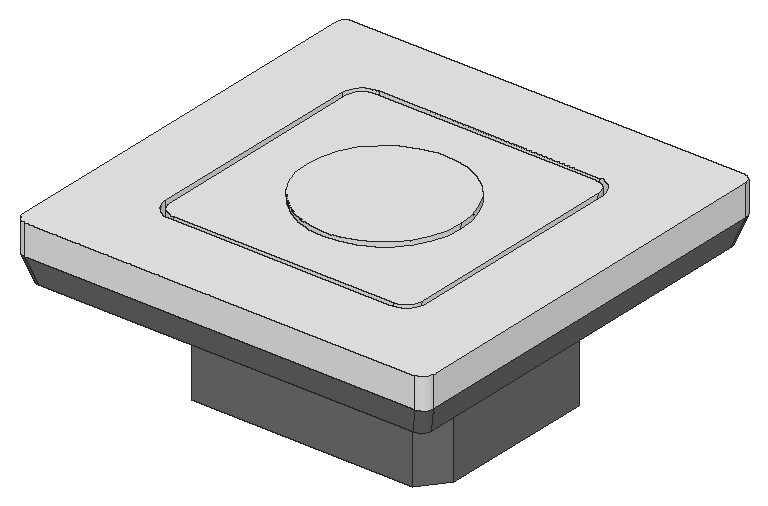
Revit family "Icon_230V_RFA", category Data Devices, host Face, Revit 2019
Family settings
  Host = Face
  Maintain Annotation Orientation = Yes
  Round Connector Dimension = Use Diameter
  Part Type = Normal
  Cut with Voids When Loaded = No
  Shared = No
  Room Calculation Point = No
Parameters (values of type "Icon_In-wall_80x80_Dial_088U1000")
  Power = if(Dial = 1.00 mm, 0.4 VA, 0.2 VA)  # 0.4 VA
  On wall(200) = and(not([In wall Bottom(350)]), not(LOD 350), not([In wall Bottom(200)]))  # no
  W_extrusion = 3.00 mm
  W_blend = 0.00 mm
  On wall = and(not([In wall Bottom(350)]), not(LOD 200), not([In wall Bottom(200)]))  # no
  L_blend base feller = 80.00 mm
  Weight = 0.10 kg
  W4 = 6.00 mm
  Schedule Options = "-"
  RN = 2.00 mm
  Power Supply RT = "220-240 V"  # constant formula
  Output Voltage to Actuators = "230 V"  # constant formula
  Operating Frequency = "50/60 Hz"  # constant formula
  Min Temperature Setting = "5 °C"  # constant formula
  Max Temperature Setting = "30 °C"
  Max Power Consumption Per Actuator = "2 W"  # constant formula
  Max Number of Actuators = "5"  # constant formula
  Max Ambient Temperature = "40° C"  # constant formula
  L_blend top feller = 77.00 mm
  ang2D_Vert [instance] = 0.00°
  ang2D_Hori [instance] = 0.00°
  ang2D [instance] = 0.00°
  Material = Danfoss Plastic Dark Gray
  L5_feller = 80.00 mm
  L4_feller = 80.00 mm
  In wall Bottom(200) = if(and(In wall = 0.00 mm, LOD 200), 1 = 1, 1 = 0)  # no
  In wall = 0.00 mm
  H1_In wall bottom = 25.50 mm  # constant formula
  L2_In wall bottom = 20.00 mm  # constant formula
  L3 = 25.50 mm
  In wall Bottom(350) = if(and(In wall = 0.00 mm, LOD 350), 1 = 1, 1 = 0)  # yes
  On-wall ext depth = 0.00 mm
  L1_In wall bottom = 25.50 mm  # constant formula
  W2 = 23.00 mm  # constant formula
  W1 = 11.00 mm
  W3 = 6.00 mm
  W [instance] = 11.00 mm
  Voltage = 230 V  # constant formula
  URL = "https://store.danfoss.com/en/Climate-Solutions-for-heating/Hydronic-floor-heating/Room-controls/c/4212?q=%3Arelevance%3Adanfoss_producttypehierarchydesc%3ADanfoss+Icon%3Adanfoss_a2465409485%3AA2465_409485530fb28e810975a7700a5c1d6ed326f3&text="
  R2 = 4.00 mm
  R1 = 2.00 mm
  Power Consumption = "0.4 W"
  Model Type = "Icon_In-wall_80x80_Dial"
  Model = "088U1000"
  Manufacturer = "Danfoss"  # constant formula
  LOD 350 = not(LOD 200)  # yes
  LOD 200 = no
  L1 = 40.00 mm
  L [instance] = 80.00 mm
  IfcExportType = "Icon"  # constant formula
  IfcExportAs = "IfcElectricApplianceType"  # constant formula
  IP Rating = "IP21"  # constant formula
  H1 = 40.00 mm
  H [instance] = 80.00 mm
  Dial = 1.00 mm
  Description = "Main Controller and Room Thermostat"  # constant formula
  Default Elevation = 0.00 mm
  Body Material = Danfoss Plastic White
  L_bottom plate = 71.00 mm
  Dial Type = if(and(LOD 350, Dial > 0.00 mm), 1 = 1, 1 = 0)  # yes
  In wall 88x88 = if(and(LOD 350, L4_feller = 88.00 mm), 1 = 1, 1 = 0)  # no
Types (12, lengths in mm): name | Power | W_blend | On wall | L_blend base feller | Weight | W4 | Schedule Options | Max Temperature Setting | L_blend top feller | Material | L5_feller | L4_feller | In wall | L3 | In wall Bottom(350) | On-wall ext depth | W1 | W3 | W | URL | Power Consumption | Model Type | Model | L1 | L | H1 | H | Dial | L_bottom plate | Dial Type | In wall 88x88
  Icon_In-wall_86x86_Dial_088U1001 | 0.4 VA | 0.00 | no | 86.00 | 0.11 kg | 6.00 | "-" | "30 °C" | 83.05 | Danfoss Plastic Dark Gray | 86.00 | 86.00 | 0.00 | 25.50 | yes | 0.00 | 11.00 | 6.00 | 11.00 | "https://store.danfoss.com/en/Climate-Solutions-for-heating/Hydronic-floor-heating/Room-controls/c/4212?q=%3Arelevance%3Adanfoss_producttypehierarchydesc%3ADanfoss+Icon%3Adanfoss_a2465409485%3AA2465_409485530fb28e810975a7700a5c1d6ed326f3" | "0.4 W" | "Icon_In-wall_86x86_Dial" | "088U1001" | 43.00 | 86.00 | 43.00 | 86.00 | 1.00 | 80.00 | yes | no
  Icon_In-wall_80x80_Display_088U1010 | 0.2 VA | 0.00 | no | 80.00 | 0.16 kg | 6.00 | "-" | "35 °C" | 77.00 | Danfoss Plastic Dark Gray | 80.00 | 80.00 | 0.00 | 25.50 | yes | 0.00 | 11.00 | 6.00 | 11.00 | "https://store.danfoss.com/en/Climate-Solutions-for-heating/Hydronic-floor-heating/Room-controls/c/4212?q=%3Arelevance%3Adanfoss_producttypehierarchydesc%3ADanfoss+Icon%3Adanfoss_a2465409485%3AA2465_40948559d0be0038b91dadb3ac635b13101c6c&text=" | "0.2 W" | "Icon_In-wall_80x80_Display" | "088U1010" | 40.00 | 80.00 | 40.00 | 80.00 | 0.00 | 71.00 | no | no
  Icon_In-wall_80x80_Programmable_088U1020 | 0.2 VA | 0.00 | no | 80.00 | 0.17 kg | 6.00 | "7 × pre-defined schedules" | "35 °C" | 77.00 | Danfoss Plastic Dark Gray | 80.00 | 80.00 | 0.00 | 25.50 | yes | 0.00 | 11.00 | 6.00 | 11.00 | "https://store.danfoss.com/en/Climate-Solutions-for-heating/Hydronic-floor-heating/Room-controls/c/4212?q=%3Arelevance%3Adanfoss_producttypehierarchydesc%3ADanfoss+Icon%3Adanfoss_a2465409485%3AA2465_409485939e11d3335f5915930bf6b80cbc729c" | "0.2 W" | "Icon_In-wall_80x80_Programmable" | "088U1020" | 40.00 | 80.00 | 40.00 | 80.00 | 0.00 | 71.00 | no | no
  Icon_In-wall_86x86_Display_088U1011 | 0.2 VA | 0.00 | no | 86.00 | 0.17 kg | 6.00 | "-" | "35 °C" | 83.05 | Danfoss Plastic Dark Gray | 86.00 | 86.00 | 0.00 | 25.50 | yes | 0.00 | 11.00 | 6.00 | 11.00 | "https://store.danfoss.com/en/Climate-Solutions-for-heating/Hydronic-floor-heating/Room-controls/c/4212?q=%3Arelevance%3Adanfoss_producttypehierarchydesc%3ADanfoss+Icon%3Adanfoss_a2465409485%3AA2465_40948559d0be0038b91dadb3ac635b13101c6c&text=" | "0.2 W" | "Icon_In-wall_86x86_Display" | "088U1011" | 43.00 | 86.00 | 43.00 | 86.00 | 0.00 | 80.00 | no | no
  Icon_In-wall_86x86_Programmable_088U1021 | 0.2 VA | 0.00 | no | 86.00 | 0.17 kg | 6.00 | "7 × pre-defined schedules" | "35 °C" | 83.05 | Danfoss Plastic Dark Gray | 86.00 | 86.00 | 0.00 | 25.50 | yes | 0.00 | 11.00 | 6.00 | 11.00 | "https://store.danfoss.com/en/Climate-Solutions-for-heating/Hydronic-floor-heating/Room-controls/c/4212?q=%3Arelevance%3Adanfoss_producttypehierarchydesc%3ADanfoss+Icon%3Adanfoss_a2465409485%3AA2465_409485939e11d3335f5915930bf6b80cbc729c" | "0.2 W" | "Icon_In-wall_86x86_Programmable" | "088U1021" | 43.00 | 86.00 | 43.00 | 86.00 | 0.00 | 80.00 | no | no
  Icon_In-wall_88x88_Dial_088U1002 | 0.4 VA | 3.00 | no | 84.00 | 0.10 kg | 6.00 | "-" | "30 °C" | 88.00 | Danfoss Plastic White | 55.00 | 88.00 | 0.00 | 25.00 | yes | 0.00 | 13.00 | 6.00 | 13.00 | "https://store.danfoss.com/en/Climate-Solutions-for-heating/Hydronic-floor-heating/Room-controls/c/4212?q=%3Arelevance%3Adanfoss_producttypehierarchydesc%3ADanfoss+Icon%3Adanfoss_a2465409485%3AA2465_409485530fb28e810975a7700a5c1d6ed326f3&text=" | "0.4 W" | "Icon_In-wall_88x88_Dial" | "088U1002" | 27.50 | 88.00 | 27.50 | 88.00 | 1.00 | 71.00 | yes | yes
  Icon_On-wall_86x86_Dial_088U1005 | 0.4 VA | 0.00 | yes | 86.00 | 0.10 kg | 8.00 | "-" | "30 °C" | 83.05 | Danfoss Plastic Dark Gray | 86.00 | 86.00 | 1.00 | 25.00 | no | 9.00 | 25.00 | 16.00 | 25.00 | "https://store.danfoss.com/en/Climate-Solutions-for-heating/Hydronic-floor-heating/Room-controls/c/4212?q=%3Arelevance%3Adanfoss_producttypehierarchydesc%3ADanfoss+Icon%3Adanfoss_a2465409485%3AA2465_409485530fb28e810975a7700a5c1d6ed326f3&text=" | "0.4 W" | "Icon_On-wall_86x86_Dial" | "088U1005" | 43.00 | 86.00 | 43.00 | 86.00 | 1.00 | 80.00 | yes | no
  Icon_In-wall_80x80_Dial_088U1000 | 0.4 VA | 0.00 | no | 80.00 | 0.10 kg | 6.00 | "-" | "30 °C" | 77.00 | Danfoss Plastic Dark Gray | 80.00 | 80.00 | 0.00 | 25.50 | yes | 0.00 | 11.00 | 6.00 | 11.00 | "https://store.danfoss.com/en/Climate-Solutions-for-heating/Hydronic-floor-heating/Room-controls/c/4212?q=%3Arelevance%3Adanfoss_producttypehierarchydesc%3ADanfoss+Icon%3Adanfoss_a2465409485%3AA2465_409485530fb28e810975a7700a5c1d6ed326f3&text=" | "0.4 W" | "Icon_In-wall_80x80_Dial" | "088U1000" | 40.00 | 80.00 | 40.00 | 80.00 | 1.00 | 71.00 | yes | no
  Icon_On-wall_86x86_Display_088U1015 | 0.2 VA | 0.00 | yes | 86.00 | 0.17 kg | 8.00 | "-" | "35 °C" | 83.05 | Danfoss Plastic Dark Gray | 86.00 | 86.00 | 1.00 | 25.00 | no | 9.00 | 25.00 | 16.00 | 25.00 | "https://store.danfoss.com/en/Climate-Solutions-for-heating/Hydronic-floor-heating/Room-controls/c/4212?q=%3Arelevance%3Adanfoss_producttypehierarchydesc%3ADanfoss+Icon%3Adanfoss_a2465409485%3AA2465_40948559d0be0038b91dadb3ac635b13101c6c&text=" | "0.2 W" | "Icon_On-wall_86x86_Display" | "088U1015" | 43.00 | 86.00 | 43.00 | 86.00 | 0.00 | 80.00 | no | no
  Icon_On-wall_86x86_Programmable_088U1025 | 0.2 VA | 0.00 | yes | 86.00 | 0.17 kg | 8.00 | "7 × pre-defined schedules" | "35 °C" | 83.05 | Danfoss Plastic Dark Gray | 86.00 | 86.00 | 1.00 | 25.00 | no | 9.00 | 25.00 | 16.00 | 25.00 | "https://store.danfoss.com/en/Climate-Solutions-for-heating/Hydronic-floor-heating/Room-controls/c/4212?q=%3Arelevance%3Adanfoss_producttypehierarchydesc%3ADanfoss+Icon%3Adanfoss_a2465409485%3AA2465_409485939e11d3335f5915930bf6b80cbc729c" | "0.2 W" | "Icon_On-wall_86x86_Programmable" | "088U1025" | 43.00 | 86.00 | 43.00 | 86.00 | 0.00 | 80.00 | no | no
  Icon_In-wall_88x88_Display_088U1012 | 0.2 VA | 3.00 | no | 84.00 | 0.17 kg | 6.00 | "-" | "35 °C" | 88.00 | Danfoss Plastic White | 55.00 | 88.00 | 0.00 | 25.00 | yes | 0.00 | 13.00 | 6.00 | 13.00 | "https://store.danfoss.com/en/Climate-Solutions-for-heating/Hydronic-floor-heating/Room-controls/c/4212?q=%3Arelevance%3Adanfoss_producttypehierarchydesc%3ADanfoss+Icon%3Adanfoss_a2465409485%3AA2465_40948559d0be0038b91dadb3ac635b13101c6c&text=" | "0.2 W" | "Icon_In-wall_88x88_Display" | "088U1012" | 27.50 | 88.00 | 27.50 | 88.00 | 0.00 | 71.00 | no | yes
  Icon_In-wall_88x88_Programmable_088U1022 | 0.2 VA | 3.00 | no | 84.00 | 0.17 kg | 6.00 | "7 × pre-defined schedules" | "35 °C" | 88.00 | Danfoss Plastic White | 55.00 | 88.00 | 0.00 | 25.00 | yes | 0.00 | 13.00 | 6.00 | 13.00 | "https://store.danfoss.com/en/Climate-Solutions-for-heating/Hydronic-floor-heating/Room-controls/c/4212?q=%3Arelevance%3Adanfoss_producttypehierarchydesc%3ADanfoss+Icon%3Adanfoss_a2465409485%3AA2465_409485939e11d3335f5915930bf6b80cbc729c" | "0.2 W" | "Icon_In-wall_88x88_Programmable" | "088U1022" | 27.50 | 88.00 | 27.50 | 88.00 | 0.00 | 71.00 | no | yes
Reference planes
  plane 1 "Center (Front/Back)": y = 0
  plane 2 "XYPLANE": z = 0
  plane 3 "Center (Left/Right)": x = 0
  plane 4 "61": x = 21.5
  plane 5 "60": x = -21.5
  plane 6 "59": x = 15.5
  plane 7 "58": x = -15.5
  plane 8 "57": y = 15.5
  plane 9 "56": y = -20
  plane 10 "55": y = 25.5
  plane 11 "54": x = 25.5
  plane 12 "53": x = -25.5
  plane 13 "35": x = -38.5
  plane 14 "34": x = 38.5
  plane 15 "33": y = -38
  plane 16 "32": y = 38
  plane 17 "31": y = -39
  plane 18 "30": y = 39
  plane 19 "29": x = 39
  plane 20 "28": x = -39
  plane 21 "26": z = 5
  plane 22 "22": x = -24.5
  plane 23 "21": x = 24.5
  plane 24 "20": y = -24.5
  plane 25 "19": y = 24.5
  plane 26 "17": x = -25.5
  plane 27 "16": x = 25.5
  plane 28 "15": y = -25.5
  plane 29 "14": y = 25.5
  plane 30 "11": x = 40
  plane 31 "10": x = -40
  plane 32 "9": y = -40
  plane 33 "8": y = 40
  plane 34 "7": z = 11
  plane 35 "5": z = 0
  plane 36 "4": x = 0
  plane 37 "3": y = 0
  plane 38: z = -23
  plane 39 "62": y = -15
  plane 40 "L4_2": x = 40
  plane 41 "L4": x = -40
  plane 42: y = 40
  plane 43: y = -40
Forms (mm)
  Extrusion 1, solid, material "Danfoss Plastic Dark Gray", visible <- "In wall Bottom(350)", detail levels fine
    sketch origin (-750, 0, -3) x (1, 0, 0) y (0, 1, 0)
      loop
        line (771.5, -20) -> (775.5, -15) -> (775.5, 15.5) -> (765.5, 25.5) -> (734.5, 25.5) -> (724.5, 15.5) -> (724.5, -15) -> (728.5, -20) -> (771.5, -20)
    from 1 to -20
  Extrusion 2, solid, material "Danfoss Plastic Dark Gray", visible <- "In wall Bottom(350)", detail levels fine
    sketch origin (-750, 0, -3) x (1, 0, 0) y (0, 1, 0)
      loop
        line (714.5, -35.5) -> (785.5, -35.5) -> (785.5, 35.5) -> (714.5, 35.5) -> (714.5, -35.5)
    from 3 to 1
  Extrusion 3, solid, material "Danfoss Plastic White" <- "Body Material", visible <- "LOD 350", detail levels fine
    sketch origin (-750, 0, 11) x (1, 0, 0) y (0, 1, 0)
      loop
        arc (788, -40) -> (789.414, -39.414) -> (790, -38) r 2
        line (790, -38) -> (790, 38)
        arc (790, 38) -> (789.414, 39.414) -> (788, 40) r 2
        line (788, 40) -> (712, 40)
        arc (712, 40) -> (710.586, 39.414) -> (710, 38) r 2
        line (710, 38) -> (710, -38)
        arc (710, -38) -> (710.586, -39.414) -> (712, -40) r 2
        line (712, -40) -> (788, -40)
      loop
        arc (771.5, -25.5) -> (774.328, -24.328) -> (775.5, -21.5) r 4
        line (775.5, -21.5) -> (775.5, 21.5)
        arc (775.5, 21.5) -> (774.328, 24.328) -> (771.5, 25.5) r 4
        line (771.5, 25.5) -> (728.5, 25.5)
        arc (728.5, 25.5) -> (725.672, 24.328) -> (724.5, 21.5) r 4
        line (724.5, 21.5) -> (724.5, -21.5)
        arc (724.5, -21.5) -> (725.672, -24.328) -> (728.5, -25.5) r 4
        line (728.5, -25.5) -> (771.5, -25.5)
    from 0 to -6
  Extrusion 4, solid, material "Danfoss Plastic White" <- "Body Material", visible <- "Dial Type", detail levels fine
    sketch origin (-750, 0, 0) x (1, 0, 0) y (0, 1, 0)
      loop
        circle (750, 0) r 15
    from 11.8 to 11
  Extrusion 5, solid, material "Danfoss Plastic Dark Gray", visible <- "In wall Bottom(200)", detail levels fine
    sketch origin (-750, 0, -3) x (1, 0, 0) y (0, 1, 0)
      loop
        line (724.5, 25.5) -> (724.5, -25.5) -> (775.5, -25.5) -> (775.5, 25.5) -> (724.5, 25.5)
    from 3 to -20
  Extrusion 6, solid, material "Danfoss Plastic White" <- "Body Material", visible <- "LOD 200", detail levels fine
    sketch origin (-750, 0, 11) x (1, 0, 0) y (0, 1, 0)
      loop
        line (710, 40) -> (710, -40) -> (790, -40) -> (790, 40) -> (710, 40)
    from 0 to -6
  Extrusion 7, solid, material "Danfoss Plastic White" <- "Body Material", detail levels coarse+medium
    sketch origin (-750, 0, -3) x (1, 0, 0) y (0, 1, 0)
      loop
        line (710, -40) -> (790, -40) -> (790, 40) -> (710, 40) -> (710, -40)
    from 3 to 14
  Extrusion 8, solid, material "Danfoss Plastic White" <- "Body Material", visible <- "LOD 350", detail levels fine
    sketch origin (0, 0, 0) x (1, 0, 0) y (0, 1, 0)
      loop
        arc (-21.5, 24.5) -> (-23.621, 23.621) -> (-24.5, 21.5) r 3
        line (-24.5, 21.5) -> (-24.5, -21.5)
        arc (-24.5, -21.5) -> (-23.621, -23.621) -> (-21.5, -24.5) r 3
        line (-21.5, -24.5) -> (21.5, -24.5)
        arc (21.5, -24.5) -> (23.621, -23.621) -> (24.5, -21.5) r 3
        line (24.5, -21.5) -> (24.5, 21.5)
        arc (24.5, 21.5) -> (23.621, 23.621) -> (21.5, 24.5) r 3
        line (21.5, 24.5) -> (-21.5, 24.5)
    from 5 to 11
  Blend 9, solid, material "Danfoss Plastic Dark Gray" <- "Material", visible <- "LOD 350", detail levels fine
    base sketch origin (0, 0, 0) x (1, 0, 0) y (0, 1, 0)
      loop
        arc (38, -40) -> (39.414, -39.414) -> (40, -38) r 2
        line (40, -38) -> (40, 38)
        arc (40, 38) -> (39.414, 39.414) -> (38, 40) r 2
        line (38, 40) -> (-38, 40)
        arc (-38, 40) -> (-39.414, 39.414) -> (-40, 38) r 2
        line (-40, 38) -> (-40, -38)
        arc (-40, -38) -> (-39.414, -39.414) -> (-38, -40) r 2
        line (-38, -40) -> (38, -40)
    top sketch origin (0, 0, 0) x (1, 0, 0) y (0, 1, 0)
      loop
        arc (36.5, -38.5) -> (37.914, -37.914) -> (38.5, -36.5) r 2
        line (38.5, -36.5) -> (38.5, 36.5)
        arc (38.5, 36.5) -> (37.914, 37.914) -> (36.5, 38.5) r 2
        line (36.5, 38.5) -> (-36.5, 38.5)
        arc (-36.5, 38.5) -> (-37.914, 37.914) -> (-38.5, 36.5) r 2
        line (-38.5, 36.5) -> (-38.5, -36.5)
        arc (-38.5, -36.5) -> (-37.914, -37.914) -> (-36.5, -38.5) r 2
        line (-36.5, -38.5) -> (36.5, -38.5)
    from 5 to 0
  Extrusion 10, solid, material "Danfoss Plastic Dark Gray" <- "Material", visible <- "LOD 200", detail levels fine
    sketch origin (0, 0, 0) x (1, 0, 0) y (0, 1, 0)
      loop
        line (-40, 40) -> (-40, -40) -> (40, -40) -> (40, 40) -> (-40, 40)
    from 0 to 5
  Extrusion 11, solid, material "Danfoss Plastic White", visible <- "In wall 88x88", detail levels fine
    sketch origin (0, 0, 0) x (1, 0, 0) y (0, 1, 0)
      loop
        arc (-38, 40) -> (-39.414, 39.414) -> (-40, 38) r 2
        line (-40, 38) -> (-40, -38)
        arc (-40, -38) -> (-39.414, -39.414) -> (-38, -40) r 2
        line (-38, -40) -> (38, -40)
        arc (38, -40) -> (39.414, -39.414) -> (40, -38) r 2
        line (40, -38) -> (40, 38)
        arc (40, 38) -> (39.414, 39.414) -> (38, 40) r 2
        line (38, 40) -> (-38, 40)
    from 0 to 3
  Extrusion 12, solid, material "Danfoss Plastic Dark Gray" <- "Material", visible <- "On wall", detail levels fine
    sketch origin (0, 0, 0) x (1, 0, 0) y (0, 1, 0)
      loop
        arc (38, -40) -> (39.414, -39.414) -> (40, -38) r 2
        line (40, -38) -> (40, 38)
        arc (40, 38) -> (39.414, 39.414) -> (38, 40) r 2
        line (38, 40) -> (-38, 40)
        arc (-38, 40) -> (-39.414, 39.414) -> (-40, 38) r 2
        line (-40, 38) -> (-40, -38)
        arc (-40, -38) -> (-39.414, -39.414) -> (-38, -40) r 2
        line (-38, -40) -> (38, -40)
    from 0 <- "On-wall ext depth" to 5
  Extrusion 13, solid, material "Danfoss Plastic Dark Gray" <- "Material", visible <- "On wall(200)", detail levels fine
    sketch origin (0, 0, 0) x (1, 0, 0) y (0, 1, 0)
      loop
        line (-40, 40) -> (-40, -40) -> (40, -40) -> (40, 40) -> (-40, 40)
    from 0 <- "On-wall ext depth" to 5
Lines and regions (mm)
  reference lines
    curve 1: line (0, 0, 0) -> (1120, 0, 0)
    curve 2: line (0, 0, 0) -> (0, -524.5, 0)
    curve 3: line (0, 0, 0) -> (0, -1015.215, 0)
    curve 4: circle (0, 0, 11) r 1 normal (0, 0, -1)
    curve 5: circle (0, 0, -3) r 1 normal (0, 0, -1)
    curve 6: circle (0, 0, 11) r 1 normal (0, 0, -1)
Dimensions and locks
  locked: plane 11 "54" to plane 4 "61" at 4
  locked: plane 12 "53" to plane 5 "60" at 4
  locked: plane 11 "54" to plane 6 "59" at 10
  locked: plane 12 "53" to plane 7 "58" at 10
  locked: plane 10 "55" to plane 8 "57" at 10
  "L1_In wall bottom": plane 3 "Center (Left/Right)" to plane 11 "54"
  "L1_In wall bottom": plane 3 "Center (Left/Right)" to plane 12 "53"
  locked: plane 17 "31" to plane 15 "33" at 1
  locked: plane 18 "30" to plane 16 "32" at 1
  locked: plane 32 "9" to plane 17 "31" at 1
  locked: plane 33 "8" to plane 18 "30" at 1
  locked: plane 30 "11" to plane 19 "29" at 1
  locked: plane 26 "17" to plane 22 "22" at 1
  locked: plane 27 "16" to plane 23 "21" at 1
  locked: plane 28 "15" to plane 24 "20" at 1
  locked: plane 29 "14" to plane 25 "19" at 1
  "L3": plane 3 "Center (Left/Right)" to plane 26 "17"
  "L3": plane 3 "Center (Left/Right)" to plane 27 "16"
  "L3": plane 1 "Center (Front/Back)" to plane 28 "15"
  "L3": plane 1 "Center (Front/Back)" to plane 29 "14"
  "L1": plane 3 "Center (Left/Right)" to plane 30 "11"
  "L1": plane 3 "Center (Left/Right)" to plane 31 "10"
  "H1": plane 1 "Center (Front/Back)" to plane 32 "9"
  "H1": plane 1 "Center (Front/Back)" to plane 33 "8"
  locked: plane 2 "XYPLANE" to plane 35 "5" at 0
  locked: plane 3 "Center (Left/Right)" to plane 36 "4"
  locked: plane 1 "Center (Front/Back)" to plane 37 "3"
  Extrusion 1 sketch curve to Extrusion 1 sketch curve = 0.00 mm  (x8)
  equal spacing: Extrusion 2 sketch curve, curve 5, Extrusion 2 sketch curve  (x2)
  "L_bottom plate": Extrusion 2 sketch curve to Extrusion 2 sketch curve  (x2)
  Extrusion 2 sketch curve to Extrusion 2 sketch curve = 0.00 mm  (x8)
  Extrusion 3 sketch curve to Extrusion 3 sketch curve = 0.00 mm  (x32)
  plane 32 "9" to plane 33 "8" = 80.00 mm
  "W1": plane 34 "7" to level
  "W2": level to plane 38
  locked: level to Extrusion 2 at 2
  "H1_In wall bottom": plane 10 "55" to plane 37 "3"
  "L2_In wall bottom": plane 37 "3" to plane 9 "56"
  Extrusion 1 sketch curve to Extrusion 1 sketch curve = 45.50 mm
  plane 20 "28" to plane 13 "35" = 0.50 mm
  "L_blend top feller": plane 13 "35" to plane 14 "34"
  equal spacing: plane 13 "35", plane 3 "Center (Left/Right)", plane 14 "34"
  Blend 9 sketch curve to Blend 9 sketch curve = 0.00 mm  (x28)
  "L_blend base feller": Blend 9 sketch curve to Blend 9 sketch curve  (x2)
  equal spacing: Blend 9 sketch curve, plane 3 "Center (Left/Right)", Blend 9 sketch curve  (x2)
  equal spacing: Blend 9 sketch curve, plane 1 "Center (Front/Back)", Blend 9 sketch curve  (x2)
  "L_blend top feller": Blend 9 sketch curve to Blend 9 sketch curve  (x2)
  "L4_feller": Extrusion 11 sketch curve to Extrusion 11 sketch curve  (x2)
  equal spacing: Extrusion 11 sketch curve, plane 3 "Center (Left/Right)", Extrusion 11 sketch curve
  equal spacing: Extrusion 11 sketch curve, plane 1 "Center (Front/Back)", Extrusion 11 sketch curve
  "W_blend": Blend 9 to level
  "W_extrusion": Extrusion 11 to level
  plane 31 "10" to plane 26 "17" = 14.50 mm
  plane 24 "20" to plane 28 "15" to plane 32 "9" = 1.00 mm, 14.50 mm
  "W3": plane 34 "7" to plane 21 "26"
  "W4": plane 34 "7" to Extrusion 3
  Extrusion 12 sketch curve to Extrusion 12 sketch curve = 0.00 mm  (x16)
  "W": plane 34 "7" to level
  locked: Extrusion 4 to plane 34 "7" at 0.8
  "L4_feller": Extrusion 7 sketch curve to Extrusion 7 sketch curve  (x2)
  equal spacing: Extrusion 7 sketch curve, plane 3 "Center (Left/Right)", Extrusion 7 sketch curve
  equal spacing: Extrusion 7 sketch curve, plane 1 "Center (Front/Back)", Extrusion 7 sketch curve
  equal spacing: Extrusion 6 sketch curve, plane 1 "Center (Front/Back)", Extrusion 6 sketch curve
  "L5_feller": Extrusion 6 sketch curve to Extrusion 6 sketch curve  (x2)
  equal spacing: Extrusion 6 sketch curve, plane 3 "Center (Left/Right)", Extrusion 6 sketch curve
  "L4_feller": Extrusion 10 sketch curve to Extrusion 10 sketch curve  (x2)
  equal spacing: Extrusion 10 sketch curve, plane 3 "Center (Left/Right)", Extrusion 10 sketch curve
  equal spacing: Extrusion 10 sketch curve, plane 1 "Center (Front/Back)", Extrusion 10 sketch curve
  Extrusion 6 to Extrusion 6 = 80.00 mm  (x2)
  "L4_feller": plane 41 "L4" to plane 40 "L4_2"
  equal spacing: plane 41 "L4", plane 3 "Center (Left/Right)", plane 40 "L4_2"
  "L4_feller": plane 42 to plane 43
  equal spacing: plane 42, plane 1 "Center (Front/Back)", plane 43
  "H": plane 42 to plane 43
  "L": plane 41 "L4" to plane 40 "L4_2"
  "W4": plane 34 "7" to Extrusion 6
  Extrusion 2 to Extrusion 2 = 71.00 mm
  "R1": radius of Extrusion 3 sketch curve  (x4)
  "R2": radius of Extrusion 3 sketch curve  (x4)
  radius of Extrusion 8 sketch curve = 3.00 mm  (x4)
  "RN": radius of Blend 9 sketch curve  (x8)
  "RN": radius of Extrusion 11 sketch curve  (x4)
  "R1": radius of Extrusion 12 sketch curve  (x4)
  "ang2D_Hori": angle plane 1 "Center (Front/Back)" to curve 1
  "ang2D_Vert": angle curve 2 to curve 3
  aligned and locked: plane 2 "XYPLANE" to host face
  aligned and locked: level to host face
  aligned and locked: plane 1 "Center (Front/Back)" to curve 1
  aligned and locked: plane 3 "Center (Left/Right)" to curve 1
  aligned and locked: plane 36 "4" to curve 4
  aligned and locked: plane 37 "3" to curve 4
  aligned and locked: plane 4 "61" to Extrusion 1 sketch curve
  aligned and locked: plane 5 "60" to Extrusion 1 sketch curve
  aligned and locked: plane 9 "56" to Extrusion 1 sketch curve
  aligned and locked: plane 7 "58" to Extrusion 1 sketch curve
  aligned and locked: plane 10 "55" to Extrusion 1 sketch curve  (x2)
  aligned and locked: plane 6 "59" to Extrusion 1 sketch curve
  aligned and locked: plane 8 "57" to Extrusion 1 sketch curve
  aligned and locked: plane 36 "4" to curve 5
  aligned and locked: plane 37 "3" to curve 5
  aligned and locked: plane 36 "4" to curve 6
  aligned and locked: plane 37 "3" to curve 6
  aligned and locked: plane 30 "11" to Extrusion 3 sketch curve
  aligned and locked: plane 33 "8" to Extrusion 3 sketch curve
  aligned and locked: Extrusion 3 sketch curve to plane 31 "10"
  aligned and locked: Extrusion 3 sketch curve to plane 32 "9"
  aligned and locked: plane 27 "16" to Extrusion 3 sketch curve
  aligned and locked: plane 29 "14" to Extrusion 3 sketch curve
  aligned and locked: Extrusion 3 sketch curve to plane 26 "17"
  aligned and locked: Extrusion 3 sketch curve to plane 28 "15"
  aligned and locked: plane 36 "4" to Extrusion 4 sketch curve
  aligned and locked: plane 37 "3" to Extrusion 4 sketch curve
  aligned and locked: Extrusion 5 sketch curve to plane 12 "53"
  aligned and locked: Extrusion 5 sketch curve to plane 29 "14"
  aligned and locked: Extrusion 5 sketch curve to plane 11 "54"
  aligned and locked: Extrusion 5 sketch curve to plane 28 "15"
  aligned and locked: level to Extrusion 2
  aligned and locked: Extrusion 1 to Extrusion 2
  aligned and locked: Extrusion 1 to plane 38
  aligned and locked: Extrusion 1 sketch curve to plane 12 "53"
  aligned and locked: Extrusion 1 sketch curve to plane 11 "54"
  aligned and locked: level to Extrusion 5
  aligned and locked: Extrusion 5 to plane 38
  aligned and locked: plane 34 "7" to Extrusion 7
  aligned and locked: Extrusion 7 to level
  aligned and locked: Extrusion 8 sketch curve to plane 25 "19"
  aligned and locked: Extrusion 8 sketch curve to plane 23 "21"
  aligned and locked: Extrusion 8 sketch curve to plane 24 "20"
  aligned and locked: Extrusion 8 sketch curve to plane 22 "22"
  aligned and locked: plane 34 "7" to Extrusion 8
  aligned and locked: plane 21 "26" to Blend 9
  aligned and locked: Extrusion 10 to level
  aligned and locked: plane 21 "26" to Extrusion 10
  aligned and locked: Extrusion 11 to level
  aligned and locked: plane 33 "8" to Extrusion 12 sketch curve
  aligned and locked: plane 30 "11" to Extrusion 12 sketch curve
  aligned and locked: Extrusion 12 sketch curve to plane 31 "10"
  aligned and locked: Extrusion 12 sketch curve to plane 32 "9"
  aligned and locked: Extrusion 12 to Extrusion 3
  aligned and locked: Extrusion 4 to plane 34 "7"
  aligned and locked: Extrusion 8 to plane 21 "26"
  aligned and locked: Extrusion 13 sketch curve to Extrusion 6  (x4)
  aligned and locked: Extrusion 13 to Extrusion 6
Automatic sketch dimensions
  host sketch curve to host sketch curve = 1600.00 mm  (x2)
  plane 7 "58" to Extrusion 4 sketch curve = 0.50 mm
  Extrusion 1 sketch curve to plane 8 "57" = 0.00 mm
  Extrusion 1 sketch curve to plane 39 "62" = 0.00 mm  (x2)
  curve 2 to plane 32 "9" = 484.50 mm
  curve 3 to curve 2 = 0.00 mm  (x2)
  plane 13 "35" to Extrusion 2 sketch curve = 3.00 mm
  plane 15 "33" to Extrusion 2 sketch curve = 2.50 mm
  radius of curve 4 = 1.00 mm
  radius of curve 5 = 1.00 mm
  radius of curve 6 = 1.00 mm
Connectors
  electrical at (0, 0, 0), driven by "Voltage", driven by "Power"
    settings: index 1, voltage 230 V, apparent load 0 VA, apparent load phase1 0.4 VA, apparent load phase2 0 VA, apparent load phase3 0 VA, power factor 0.95, load classification "HVAC", number of poles 1, system type 31, power factor state 1, is connector primary yes, connector utility no, sub classification motor no, connector description ""
